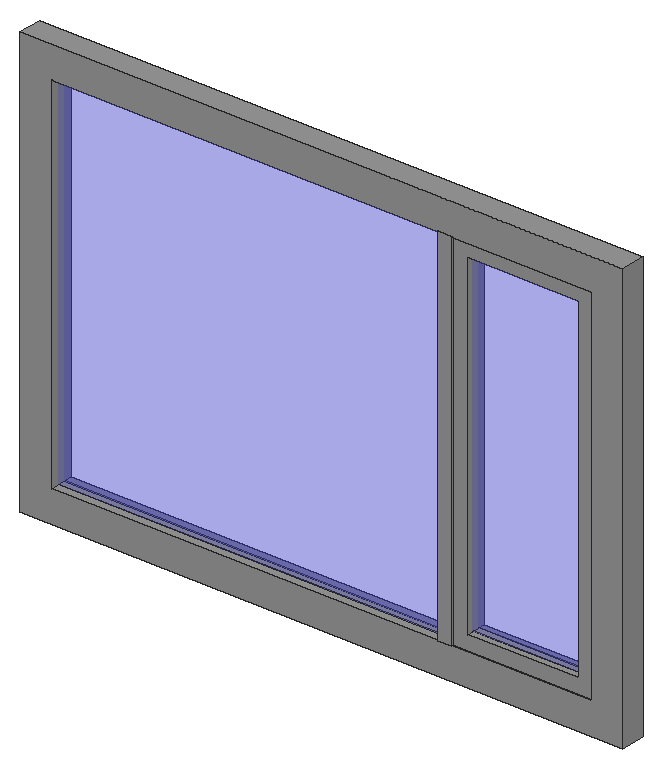
Revit family "Family26", category Windows, host Wall, Revit 2018
Family settings
  Host = Wall
  OmniClass Number = 23.30.20.00
  OmniClass Title = Windows
  Always vertical = Yes
  Cut with Voids When Loaded = No
  Shared = No
  Room Calculation Point = No
Parameters
  Window Frame = White
  Visual Light Transmittance = 0.81
  URL = "www.skywardwindows.co.za"
  Thermal Resistance (R) = 0.3196 (m²·K)/W
  Telephone = "021 276 1800"
  Solar Heat Gain Coefficient = 0.76
  Manufacturer = "Skyward Windows"
  Height = 1490 mm
  Heat Transfer Coefficient (U) = 3.1292 W/(m²·K)
  Glass Thickness = 4 mm
  Glass = Glass
  Frame Width = 46.195 mm
  Email Address = "info@skywardwindows.co.za"
  Default Sill Height = 800 mm
  Wall Closure = By host
  Width = 2090 mm
  Company Address = "Charles Matthews Street Atlantis 7349"
  Analytic Construction = "Double glazing - domestic"
Reference planes
  plane 1 "Center (Front/Back)": y = 0
  plane 2 "Center (Left/Right)": x = 0
  plane 3 "Left": x = -1045
  plane 4 "Right": x = 1045
  plane 5 "Sill": z = 800
  plane 6 "Head": z = 2290
  plane 7 "Exterior": y = 100
  plane 8 "Interior": y = -100
Forms (mm)
  Extrusion 1, solid, material "White" <- "Window Frame"
    sketch origin (0, -100, 0) x (1, 0, 0) y (0, 0, 1)
      loop
        line (-1045, 2290) -> (-1045, 800) -> (1045, 800) -> (1045, 2290) -> (-1045, 2290)
      loop
        line (-936, 909) -> (936, 909) -> (936, 2181) -> (-936, 2181) -> (-936, 909)
    from -142 to -58
  Extrusion 2, solid, material "White" <- "Window Frame"
    sketch origin (0, -100, 0) x (1, 0, 0) y (0, 0, 1)
      loop
        line (450, 2181) -> (450, 909) -> (936, 909) -> (936, 2181) -> (450, 2181)
      loop
        line (500, 2131) -> (500, 959) -> (886, 959) -> (886, 2131) -> (500, 2131)
    from -134.904 to -64.489
  Extrusion 3, solid, material "White" <- "Window Frame"
    sketch origin (150, -100, 0) x (1, 0, 0) y (0, 0, 1)
      loop
        line (300, 2181) -> (253.805, 2181) -> (253.805, 909) -> (300, 909) -> (300, 2181)
    from -142 to -58
  Extrusion 4, solid, material "Glass" <- "Glass"
    sketch origin (0, 0, 0) x (1, 0, 0) y (0, 1, 0)
      loop
        line (-936, 14) -> (-936, 10) -> (403.805, 10) -> (403.805, 14) -> (-936, 14)
      loop
        line (403.805, -14) -> (403.805, -10) -> (-936, -10) -> (-936, -14) -> (403.805, -14)
    from 909 to 2181
  Extrusion 5, solid, material "Glass" <- "Glass"
    sketch origin (0, 0, 0) x (1, 0, 0) y (0, 1, 0)
      loop
        line (500, 14) -> (500, 10) -> (886, 10) -> (886, 14) -> (500, 14)
      loop
        line (886, -14) -> (886, -10) -> (500, -10) -> (500, -14) -> (886, -14)
    from 959 to 2131
Lines and regions (mm)
  Opening 1
    outline origin (3500, -100, 0) x (1, 0, 0) y (0, 0, 1)
      loop
        line (-2455, 800) -> (-2455, 2290) -> (-4545, 2290) -> (-4545, 800) -> (-2455, 800)
Text (mm)
  text "EXTERIOR" at (-1963.203, 1332.353, 0), in view "Ref. Level"
  text "INTERIOR" at (-1981.466, -818.386, 0), in view "Ref. Level"
  text "Exterior" at (0, 923.751, 2943.296), in view "Right"
  text "Exterior" at (0, 1040.484, 2685.409), in view "Left"
Dimensions and locks
  equal spacing: plane 3 "Left", plane 2 "Center (Left/Right)", plane 4 "Right"
  "Width": plane 3 "Left" to plane 4 "Right"
  "Height": plane 5 "Sill" to plane 6 "Head"
  "Default Sill Height": plane 5 "Sill" to level
  locked: plane 7 "Exterior" to host wall at 0
  locked: plane 8 "Interior" to host wall
  "Glass Thickness": Extrusion 4 to Extrusion 4
  "Glass Thickness": Extrusion 5 to Extrusion 5
  aligned and locked: Extrusion 1 sketch curve to host wall  (x4)
Automatic sketch dimensions
  Opening 1 sketch curve to plane 3 "Left" = 0 mm
  Opening 1 sketch curve to plane 4 "Right" = 0 mm
  Opening 1 sketch curve to plane 5 "Sill" = 0 mm
  Opening 1 sketch curve to plane 6 "Head" = 0 mm
  Extrusion 1 sketch curve to plane 3 "Left" = 109 mm
  plane 4 "Right" to Extrusion 1 sketch curve = 109 mm
  Extrusion 1 sketch curve to plane 5 "Sill" = 109 mm
  plane 6 "Head" to Extrusion 1 sketch curve = 109 mm
  Extrusion 2 sketch curve to plane 5 "Sill" = 109 mm
  Extrusion 2 sketch curve to plane 2 "Center (Left/Right)" = 450 mm
  Extrusion 2 sketch curve to Extrusion 2 sketch curve = 50 mm  (x4)
  plane 4 "Right" to Extrusion 2 sketch curve = 159 mm
  plane 6 "Head" to Extrusion 2 sketch curve = 159 mm
  Extrusion 3 sketch curve to Extrusion 3 sketch curve = 46.195 mm
  Extrusion 3 sketch curve to plane 5 "Sill" = 109 mm
  plane 6 "Head" to Extrusion 3 sketch curve = 109 mm
  Extrusion 3 sketch curve to plane 2 "Center (Left/Right)" = 403.805 mm
  Extrusion 4 sketch curve to host wall = 14 mm
  Extrusion 4 sketch curve to plane 3 "Left" = 109 mm
  Extrusion 4 sketch curve to Extrusion 4 sketch curve = 0 mm  (x2)
  Extrusion 4 sketch curve to plane 2 "Center (Left/Right)" = 403.805 mm
  host wall to Extrusion 4 sketch curve = 10 mm
  Extrusion 4 sketch curve to Extrusion 4 sketch curve = 4 mm  (x2)
  Extrusion 5 sketch curve to host wall = 14 mm
  Extrusion 5 sketch curve to plane 2 "Center (Left/Right)" = 500 mm
  Extrusion 5 sketch curve to Extrusion 5 sketch curve = 0 mm  (x2)
  plane 4 "Right" to Extrusion 5 sketch curve = 159 mm
  host wall to Extrusion 5 sketch curve = 10 mm
  Extrusion 5 sketch curve to Extrusion 5 sketch curve = 4 mm  (x2)
